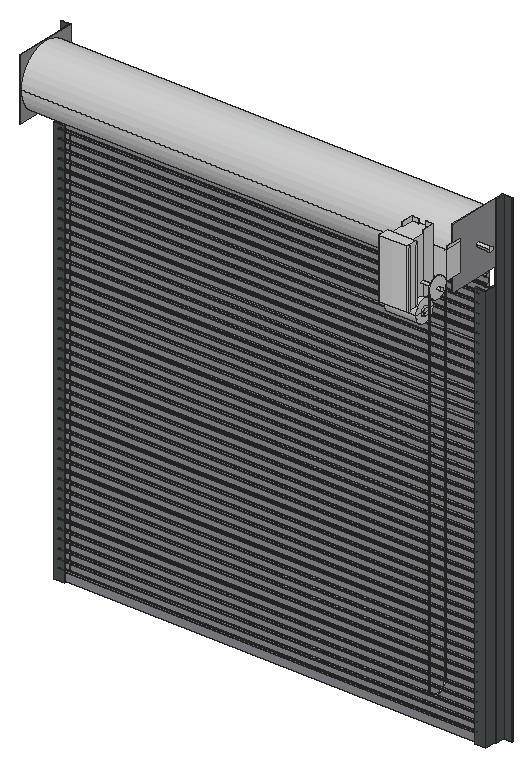
Revit family "Doors_Industrial_Overhead-Door-Corporation_Stormtite-Rolling-Steel-Service-Doors-620_", category Specialty Equipment, host Wall, Revit 2019
Family settings
  Host = Wall
  Round Connector Dimension = Use Diameter
  Part Type = Normal
  OmniClass Number = 23.30.10.21.34
  OmniClass Title = Industrial Doors
  Always vertical = Yes
  Cut with Voids When Loaded = Yes
  Shared = No
  Room Calculation Point = No
Parameters (values of type "115 volts, one phase, 60 Hz (110-120V range)")
  Width Count [instance] = if(or(Opening Width < 240", Opening Width = 240"), 20, if(or(Opening Width < 288", Opening Width = 288"), 24, 30))  # 20
  Warning Sign [instance] = if(Calculated Area > 683.00 SF, 1 = 1, 1 = 2)  # no
  Warning (Note) [instance] = if(Warning Sign, "The Door Area is out of the limit; please adjust accordingly. The maximum allowed area is 683 sq. ft.", if(Opening Height > 360", "Headroom Clearance Dimensions - out of the limits. Consult Factory", " "))  # " "
  Wall Thickness [instance] = 6"
  Voltage = 115 V
  True Opening Width [instance] = if(Between Jambs Mounting, Door Width True, Clear Width)  # 120"
  True Opening Height [instance] = if(Between Jambs Mounting, Clear Height + Headroom Height, Clear Height)  # 120"
  Slat Type [instance] = if(Slat Option < 2, "F-265", "FE-265")  # "F-265"
  Slat Option [instance] = 1
  Slat Length [instance] = Clear Width + G Value * 2 - 1" / 2 * 2  # 126"
  Slat Height [instance] = if(Slat < 2, 11 9/32", if(Slat = 2, 13 3/4", 13 19/128"))  # 13 19/128"
  Slat [instance] = if(Slat Option < 2, 3, 4)  # 3
  Product Page URL = "https://www.overheaddoor.com/rolling-steel-service-doors-620"
  Power Factor = 1
  Powder Coat (Note) = "PowderGuard® Premium powder coat finish options are available in approximately 200 colors as well as custom matching to specification. PowderGuard® Textured finish, a thicker, more scratch resistant coat, is available in 11 colors providing enhanced scratch resistance as well as aiding in hiding the dirt and blemishes that often occur in commercial environments.​"  # constant formula
  Operator Visibility = yes
  Operation (Note) [instance] = "Door could operate by manual push, crank, electrical operator or chain hoist. Manual push up and crank could be used up to 80 sf, for larger door sizes you have to use Chain Hoist operator."  # constant formula
  Opening Width Real [instance] = if(Opening Width > Max Opening Width, Max Opening Width, if(Opening Width < Min Opening Width, Min Opening Width, Opening Width))  # 120"
  Opening Width [instance] = 120"
  Opening Height Real [instance] = if(Opening Height > Max Opening Height, Max Opening Height, if(Opening Height < Min Opening Height, Min Opening Height, Opening Height))  # 120"
  Opening Height [instance] = 120"
  One Array element [instance] = not(Array Vis)  # no
  Number of Poles = 1
  Motor Type [instance] = if(Between Jambs Mounting, "RSX Front of Hood", if(Motor Option < 2, "RSX Front of Hood", if(Motor Option = 2, "RSX Top of Hood", if(Motor Option = 3, "RSX Wall Mount", "RSX Bench Mount"))))  # "RSX Front of Hood"
  Motor Selection (Note) [instance] = "Generic operator shown. Contact Overhead Door when dimensions are critical. "  # constant formula
  Motor Position [instance] = if(Between Jambs Mounting, BJ Displacement Real, M Value - G Value)  # 2 3/4"
  Motor Option Real [instance] = if(Between Jambs Mounting, 1, if(Motor Option < 1, 1, if(Motor Option > 4, 4, Motor Option)))  # 1
  Motor Option [instance] = 1
  Min Opening Width [instance] = if(Between Jambs Mounting, 18" + BJ Displacement Real * 2 + G Value * 2, 18")  # 18"
  Min Opening Height [instance] = if(Between Jambs Mounting, 24" + Headroom Height, 24")  # 24"
  Max Opening Width [instance] = 364"  # constant formula
  Max Opening Height [instance] = 340"  # constant formula
  Material Finish [instance] = 620 : Standard - Gray
  M Value [instance] = if(or(Opening Width < 108", Opening Width = 108"), 5 3/4", if(or(Opening Width < 180", Opening Width = 180"), 6 1/4", if(or(Opening Width < 240", Opening Width = 240"), 7 1/4", 9 1/4")))  # 6 1/4"
  Lookup Table = "Hood Dimensions"  # constant formula
  Lookup BD [instance] = size_lookup(Lookup Table, "A3", 10", Width Count, Height Count)  # 18"
  Jambs Offset [instance] = if(Between Jambs Mounting, BJ Displacement Real + G Value, 0")  # 0"
  Installation Real [instance] = if(Between Jambs Mounting, if((Wall Thickness / 2 - Guid Depth / 2) < 0", 0", Wall Thickness / 2 - Guid Depth / 2), Wall Thickness)  # 6"
  Hood Type [instance] = if(Hood Option < 2, "No Hood", if(Hood Option = 2, "Square Hood", if(Hood Option = 3, "Octagon Hood", "Round Hood")))  # "No Hood"
  Hood Option [instance] = 1
  Hood Offset [instance] = if(Chain Hoist or Manual, 3", 5")  # 5"
  Hood Material [instance] = Metal - Overhead Door - Gray
  Hood Height [instance] = Headroom Height Real - Hood Offset  # 18"
  Height Count [instance] = HC 3  # 11
  Lookup HH [instance] = size_lookup(Lookup Table, "A3", 10", Width Count, Height Count)  # 18"
  Headroom Height Real [instance] = if(Face Of Wall Mounting, if(Chain Hoist or Manual, Lookup HH + 3", Lookup HH + 5"), Lookup HH + 3")  # 23"
  Headroom Height [instance] = if(Between Jambs Mounting, Headroom Height Real, if(Hood Option > 1, Headroom Height Real + 1 1/2", Headroom Height Real))  # 23"
  HC 3 [instance] = if(or(Opening Height < 72", Opening Height = 72"), 6, if(or(Opening Height < 96", Opening Height = 96"), 8, if(or(Opening Height < 108", Opening Height = 108"), 9, if(or(Opening Height < 132", Opening Height = 132"), 11, if(or(Opening Height < 156", Opening Height = 156"), 13, if(or(Opening Height < 192", Opening Height = 192"), 16, if(or(Opening Height < 216", Opening Height = 216"), 18, if(or(Opening Height < 252", Opening Height = 252"), 21, if(or(Opening Height < 276", Opening Height = 276"), 23, if(or(Opening Height < 300", Opening Height = 300"), 25, if(or(Opening Height < 336", Opening Height = 336"), 28, 30)))))))))))  # 11
  Guide Type [instance] = if(Between Jambs Mounting, "Angled Between Jambs Z Guide", "Angled Z Guide")  # "Angled Z Guide"
  Guide Option [instance] = if(Between Jambs Mounting, 1, 2)  # 2
  Guid Depth [instance] = if(Between Jambs Mounting, D Value + 1/4", D Value)  # 6 1/4"
  G Value [instance] = if(Between Jambs Mounting, if(or(Opening Width < 144", Opening Width = 144"), 3 1/4", if(or(Opening Width < 180", Opening Width = 180"), 3", if(or(Opening Width < 240", Opening Width = 240"), 3 1/2", 5"))), if(or(Opening Width < 108", Opening Width = 108"), 3", if(or(Opening Width < 180", Opening Width = 180"), 3 1/2", if(or(Opening Width < 240", Opening Width = 240"), 4", 5 9/16"))))  # 3 1/2"
  Frequency = 60 Hz
  Face of Wall Offset [instance] = if(Between Jambs Mounting, 0", 5")  # 5"
  Face Of Wall Mounting [instance] = not(Between Jambs Mounting)  # yes
  Door Width True [instance] = if(Between Jambs Mounting, Clear Width + BJ Displacement Real * 2 + G Value * 2, Clear Width + M Value * 2)  # 132 1/2"
  Door Width (Real) [instance] = if(Between Jambs Mounting, Clear Width, Clear Width + 1" / 2)  # 120 1/2"
  Door Height True [instance] = Clear Width + Headroom Height  # 143"
  Door Height (Real) [instance] = Clear Height + Hood Offset  # 125"
  URL = "https://www.overheaddoor.com/"
  Product data url = "https://www.bimobject.com/overhead-door/product/stormtite-rolling-steel-service-doors-620"
  Product Guid = "603663aa-8c8f-4a3c-9590-51f84dbd7839"
  Model = "620"  # constant formula
  Manufacturer = "Overhead Door Corporation"  # constant formula
  Wall Closure = By host
  Floor To (CL) of Shaft [instance] = Clear Height + Hood Height / 2 + Hood Offset  # 134"
  Finish Material = Finish - Overhead Door - Black
  Description = "Model 620 Stormtite rolling service door"  # constant formula
  D Value [instance] = if(Between Jambs Mounting, if(or(Opening Width < 144", Opening Width = 144"), 6 1/4", if(or(Opening Width < 180", Opening Width = 180"), 7 1/4", if(or(Opening Width < 240", Opening Width = 240"), 7 1/4", 7 5/8"))), if(or(Opening Width < 108", Opening Width = 108"), 5 11/16", if(or(Opening Width < 180", Opening Width = 180"), 6 1/4", if(or(Opening Width < 240", Opening Width = 240"), 6 3/16", 7 1/16"))))  # 6 1/4"
  Clear Width [instance] = if(Between Jambs Mounting, Opening Width Real - BJ Displacement Real * 2 - G Value * 2, Opening Width Real)  # 120"
  Clear Height [instance] = if(Between Jambs Mounting, Opening Height Real - Headroom Height, Opening Height Real)  # 120"
  Chain Hoist or Manual = no
  Current = 20 A
  Connector Array Distance = 0"  # constant formula
  Connector Array = if(Chain Hoist or Manual, 2, 3)  # 3
  Between Jambs Mounting [instance] = no
  Between Jambs Guides Offset [instance] = 3"
  Bar [instance] = if(and(Hood Option > 1, Face Of Wall Mounting), 1 = 1, 1 = 2)  # no
  Backroom Depth [instance] = Lookup BD + 1/2"  # 18 1/2"
  BJ Opening Cut [instance] = if(Between Jambs Mounting, Headroom Height, 0")  # 0"
  BJ Displacement Real [instance] = if(Between Jambs Mounting, if(Between Jambs Guides Offset < 3", 3", if(Between Jambs Guides Offset > 6 3/4", 6 3/4", Between Jambs Guides Offset)), 0")  # 0"
  Array Vis [instance] = if(Array < 2, 1 = 2, 1 = 1)  # yes
  Array Real [instance] = if(Array < 2, 2, Array)  # 10
  Array Length [instance] = (Array) * Slat Height  # 131 31/64"
  Array [instance] = rounddown(([Door Height (Real)] - 3") / Slat Height) + 1  # 10
  Calculated Area [instance] = [Door Width (Real)] * [Door Height (Real)]  # 104.601 SF
  Apparent Load Phase 3 = if(Number of Poles = 1, 0 VA, (Voltage * Current * sqrt(3)) / 3)  # 0 VA
  Apparent Load Phase 2 = if(Number of Poles = 1, 0 VA, (Voltage * Current * sqrt(3)) / 3)  # 0 VA
  Apparent Load Phase 1 = if(Number of Poles = 1, Voltage * Current, (Voltage * Current * sqrt(3)) / 3)  # 2300 VA
Reference planes (in)
  plane 1 "Center (Front/Back)": y = -14.625
  plane 2 "Center (Left/Right)": x = 0
  plane 3 "Left": x = -60
  plane 4 "Right": x = 60
  plane 5 "Exterior": y = -8.625
  plane 6 "Interior": y = -14.625
  plane 7: x = 66.25
  plane 8: x = -66.25
  plane 9: z = 120
  plane 10 "Main": y = -20.23437
  plane 11 "Backroom Depth": y = -32.125
  plane 12 "Main Door Block": y = -13.625
  plane 13 "Bottom Bar": z = 2.75
  plane 14: y = -20.875
  plane 15: z = 134.23438
  plane 16: z = 143
  plane 17: z = 125
  plane 18: z = 144.5
  plane 19: z = 0
  plane 20: z = 60
  plane 21: y = -20.0625
  plane 22: y = 18.375
  plane 23: y = -41.625
  plane 24 "Double Main": y = -19.656
  plane 25 "Headroom Top": z = 143
  plane 26: z = 134
  plane 27: x = 63.5
  plane 28: x = -63.5
  plane 29: z = 121.08594
Forms (in)
  Extrusion 1, void
    sketch origin (0, -13.625, 0) x (0, 0, -1) y (-1, 0, 0)
      loop
        line (-120, 60) -> (-120, -60) -> (0, -60) -> (0, 60) -> (-120, 60)
    from -1 to 5
  Extrusion 2, solid, material "Metal - Overhead Door - Gray" <- "Hood Material", visible <- "Bar"
    sketch origin (0, 0, 0) x (0, 1, 0) y (0, 0, 1)
      loop
        line (-14.875, 143) -> (-14.625, 143) -> (-14.625, 144.5) -> (-14.875, 144.5) -> (-14.875, 143)
    from -63.25 to 63.25
Lines and regions (in)
  symbolic lines, visible <- "Bar"
    curve 1: line (63.25, -14.625, 0) -> (-63.25, -14.625, 0)
    curve 2: line (-63.25, -14.875, 0) -> (63.25, -14.875, 0)
Text (in)
  text "Exterior" at (-74.96733, 27.31104, 0), in view "Ref. Level"
  text "Interior" at (-74.96733, -25.14366, 0), in view "Ref. Level"
  text "Exterior" at (0, 40.15149, 123.01588), in view "Right"
  text "Interior" at (0, -64.39139, 123.01588), in view "Right"
  text "Interior" at (0, -31.01599, 123.00693), in view "Left"
  text "Exterior" at (0, 54.57065, 123.00693), in view "Left"
Dimensions and locks (in)
  equal spacing: plane 3 "Left", plane 2 "Center (Left/Right)", plane 4 "Right"
  "Clear Width": plane 3 "Left" to plane 4 "Right"
  level to host wall = 459.59655"
  "Clear Height": level to plane 9
  plane 7 to plane 8 = 132 1/2"
  equal spacing: plane 7, plane 2 "Center (Left/Right)", plane 8
  locked: plane 13 "Bottom Bar" to level at 2.75
  "Door Width True": plane 7 to plane 8
  locked: plane 14 to plane 10 "Main" at 0.64063
  "Array Length": plane 15 to plane 13 "Bottom Bar"
  "Backroom Depth": plane 11 "Backroom Depth" to plane 12 "Main Door Block"
  "Hood Height": plane 16 to plane 17
  locked: plane 18 to plane 16 at 1.5
  locked: Extrusion 2 sketch curve to Extrusion 2 sketch curve at 0.25
  "Installation Real": plane 1 "Center (Front/Back)" to plane 5 "Exterior"
  "Wall Thickness": host wall to host wall
  equal spacing: plane 9, plane 20, plane 19
  locked: plane 10 "Main" to plane 21 at 0.17187
  equal spacing: plane 22, host wall, plane 23
  locked: plane 22 to plane 23 at 60
  locked: plane 10 "Main" to plane 24 "Double Main" at 0.57837
  "BJ Opening Cut": Extrusion 1 sketch curve to plane 9
  locked: Extrusion 2 sketch curve to Extrusion 2 sketch curve at 1.5
  "Hood Offset": plane 17 to plane 9
  "Headroom Height": plane 25 "Headroom Top" to plane 9
  "Floor To (CL) of Shaft": plane 26 to level
  "Jambs Offset": plane 4 "Right" to Extrusion 1 sketch curve
  "Jambs Offset": Extrusion 1 sketch curve to plane 3 "Left"
  "Motor Position": plane 7 to plane 27
  "Motor Position": plane 28 to plane 8
  locked: plane 28 to Extrusion 2 at 0.25
  locked: Extrusion 2 to plane 27 at 0.25
  "Guid Depth": plane 14 to plane 1 "Center (Front/Back)"
  "Slat Height": plane 15 to plane 29
  equal spacing: group 2, group 10, group 9, group 8, group 7, group 6, group 5, group 4, group 3, group 1
  equal spacing: group 1, group 3, group 4, group 5, group 6, group 7, group 8, group 9, group 10, group 2  (x2)
  aligned and locked: plane 5 "Exterior" to host wall
  aligned and locked: host wall to plane 6 "Interior"
  aligned and locked: level to Extrusion 1 sketch curve
  aligned and locked: Extrusion 1 to plane 5 "Exterior"
  aligned and locked: plane 6 "Interior" to Extrusion 1
  aligned and locked: nested 1 to plane 2 "Center (Left/Right)"
  aligned and locked: plane 16 to nested 2
  aligned and locked: nested 1 to level
  aligned and locked: Extrusion 2 sketch curve to plane 18
  aligned and locked: Extrusion 2 sketch curve to plane 6 "Interior"
  aligned and locked: curve 1 to Extrusion 2  (x2)
  aligned and locked: curve 2 to Extrusion 2  (x2)
  aligned and locked: Extrusion 2 to curve 2
  aligned and locked: plane 5 "Exterior" to nested 2
  aligned and locked: level to plane 19
  aligned and locked: nested 1 to plane 1 "Center (Front/Back)"
  aligned and locked: plane 2 "Center (Left/Right)" to nested 3
  aligned and locked: nested 3 to plane 22
  aligned and locked: plane 23 to nested 4
  aligned and locked: nested 4 to plane 2 "Center (Left/Right)"
  aligned and locked: nested 5 to plane 20
  aligned and locked: plane 2 "Center (Left/Right)" to nested 5
  aligned and locked: nested 2 to plane 27
  aligned and locked: nested 5 to plane 21
  aligned and locked: plane 13 "Bottom Bar" to nested 6
  aligned and locked: plane 21 to nested 6
  aligned and locked: plane 29 to nested 7
  aligned and locked: nested 7 to plane 21
  aligned and locked: plane 13 "Bottom Bar" to nested 16
  aligned and locked: plane 21 to nested 16
Automatic sketch dimensions
  curve 1 to curve 2 = 0"
Nested families (in)
  nested 1: "Lifts" at (0, -14.625, 0), type "Frame Unit"
    with Square Hood no, Round Hood no, Octagon Hood no, No Hood yes, M Value 6 1/4", Hood Offset 5", Hood Height 18", Headroom Height Real 23", Half Octagon Side 3.72792", Half Hood Height 18", Shaft Offset 9", Radius Hood 9", Headroom Height 23", Header Width 18 1/2", Guide Z Wide 2 3/4", Floor To (CL) of Shaft 134", D Value 6 1/4"
  nested 2: "Motor" at (56.6205, -40.705, 122.93), visible <- "Operator Visibility", type "Trolley Motor"
    with Vertical Mount 20.07", Hood Width Real 18 1/2", Hood Width 18 1/2", Hood Height 18", Floor To Cl Shaft 134"
  nested 3: "Label Annotation 1" at (0, 18.375, 0), visible <- "Warning Sign", type "Label Annotation 1"
  nested 4: "Label Annotation 1" at (0, -41.625, 0) x (-1, 0, 0) z (0, 0, 1), visible <- "Warning Sign", type "Label Annotation 1"
  nested 5: "Warning Sign" at (0, -20.0625, 60), visible <- "Warning Sign", type "Warning Sign"
    with Warning Sign no
  nested 6: "620" at (0, -20.0625, 2.75), type <- "Material Finish", Opening Width <- "Slat Length", Slat Option <- "Slat", visible <- "Array Vis", type "Standard - Gray"
    with Void Offset 1", Void Height 1", Slat Width 0.63", Slat Position + Offset 14.044", Slat Position 13.15", Slat Option 3, Opening Width 126", Integrated Cutout no, F 265, FE 265 yes, Cutout Width Offset 1", Cutout Vertical Offset 0.894", Cutout Horizontal Offset 1", C 275 no, C 187 Standard no
  nested 7: "620" at (0, -20.0625, 121.08594), type <- "Material Finish", Opening Width <- "Slat Length", Slat Option <- "Slat", visible <- "Array Vis", type "Standard - Gray"
    with Void Offset 1", Void Height 1", Slat Width 0.63", Slat Position + Offset 14.044", Slat Position 13.15", Slat Option 3, Opening Width 126", Integrated Cutout no, F 265, FE 265 yes, Cutout Width Offset 1", Cutout Vertical Offset 0.894", Cutout Horizontal Offset 1", C 275 no, C 187 Standard no
  nested 8: "620" at (0, -20.0625, 15.89844), type <- "Material Finish", Opening Width <- "Slat Length", Slat Option <- "Slat", visible <- "Array Vis", type "Standard - Gray"
    with Void Offset 1", Void Height 1", Slat Width 0.63", Slat Position + Offset 14.044", Slat Position 13.15", Slat Option 3, Opening Width 126", Integrated Cutout no, F 265, FE 265 yes, Cutout Width Offset 1", Cutout Vertical Offset 0.894", Cutout Horizontal Offset 1", C 275 no, C 187 Standard no
  nested 9: "620" at (0, -20.0625, 29.04688), type <- "Material Finish", Opening Width <- "Slat Length", Slat Option <- "Slat", visible <- "Array Vis", type "Standard - Gray"
    with Void Offset 1", Void Height 1", Slat Width 0.63", Slat Position + Offset 14.044", Slat Position 13.15", Slat Option 3, Opening Width 126", Integrated Cutout no, F 265, FE 265 yes, Cutout Width Offset 1", Cutout Vertical Offset 0.894", Cutout Horizontal Offset 1", C 275 no, C 187 Standard no
  nested 10: "620" at (0, -20.0625, 42.19531), type <- "Material Finish", Opening Width <- "Slat Length", Slat Option <- "Slat", visible <- "Array Vis", type "Standard - Gray"
    with Void Offset 1", Void Height 1", Slat Width 0.63", Slat Position + Offset 14.044", Slat Position 13.15", Slat Option 3, Opening Width 126", Integrated Cutout no, F 265, FE 265 yes, Cutout Width Offset 1", Cutout Vertical Offset 0.894", Cutout Horizontal Offset 1", C 275 no, C 187 Standard no
  nested 11: "620" at (0, -20.0625, 55.34375), type <- "Material Finish", Opening Width <- "Slat Length", Slat Option <- "Slat", visible <- "Array Vis", type "Standard - Gray"
    with Void Offset 1", Void Height 1", Slat Width 0.63", Slat Position + Offset 14.044", Slat Position 13.15", Slat Option 3, Opening Width 126", Integrated Cutout no, F 265, FE 265 yes, Cutout Width Offset 1", Cutout Vertical Offset 0.894", Cutout Horizontal Offset 1", C 275 no, C 187 Standard no
  nested 12: "620" at (0, -20.0625, 68.49219), type <- "Material Finish", Opening Width <- "Slat Length", Slat Option <- "Slat", visible <- "Array Vis", type "Standard - Gray"
    with Void Offset 1", Void Height 1", Slat Width 0.63", Slat Position + Offset 14.044", Slat Position 13.15", Slat Option 3, Opening Width 126", Integrated Cutout no, F 265, FE 265 yes, Cutout Width Offset 1", Cutout Vertical Offset 0.894", Cutout Horizontal Offset 1", C 275 no, C 187 Standard no
  nested 13: "620" at (0, -20.0625, 81.64063), type <- "Material Finish", Opening Width <- "Slat Length", Slat Option <- "Slat", visible <- "Array Vis", type "Standard - Gray"
    with Void Offset 1", Void Height 1", Slat Width 0.63", Slat Position + Offset 14.044", Slat Position 13.15", Slat Option 3, Opening Width 126", Integrated Cutout no, F 265, FE 265 yes, Cutout Width Offset 1", Cutout Vertical Offset 0.894", Cutout Horizontal Offset 1", C 275 no, C 187 Standard no
  nested 14: "620" at (0, -20.0625, 94.78906), type <- "Material Finish", Opening Width <- "Slat Length", Slat Option <- "Slat", visible <- "Array Vis", type "Standard - Gray"
    with Void Offset 1", Void Height 1", Slat Width 0.63", Slat Position + Offset 14.044", Slat Position 13.15", Slat Option 3, Opening Width 126", Integrated Cutout no, F 265, FE 265 yes, Cutout Width Offset 1", Cutout Vertical Offset 0.894", Cutout Horizontal Offset 1", C 275 no, C 187 Standard no
  nested 15: "620" at (0, -20.0625, 107.9375), type <- "Material Finish", Opening Width <- "Slat Length", Slat Option <- "Slat", visible <- "Array Vis", type "Standard - Gray"
    with Void Offset 1", Void Height 1", Slat Width 0.63", Slat Position + Offset 14.044", Slat Position 13.15", Slat Option 3, Opening Width 126", Integrated Cutout no, F 265, FE 265 yes, Cutout Width Offset 1", Cutout Vertical Offset 0.894", Cutout Horizontal Offset 1", C 275 no, C 187 Standard no
  nested 16: "620" at (0, -20.0625, 2.75), type <- "Material Finish", Slat Option <- "Slat", visible <- "One Array element", Opening Width <- "Slat Length", type "Standard - Gray"
    with Void Offset 1", Void Height 1", Slat Width 0.63", Slat Position + Offset 14.044", Slat Position 13.15", Slat Option 3, Opening Width 126", Integrated Cutout no, F 265, FE 265 yes, Cutout Width Offset 1", Cutout Vertical Offset 0.894", Cutout Horizontal Offset 1", C 275 no, C 187 Standard no
Connectors (in)
  electrical at (59.6085, -39.31077, 133.4998), driven by "Apparent Load Phase 1", driven by "Power Factor", driven by "Voltage", driven by "Apparent Load Phase 2", driven by "Apparent Load Phase 3", driven by "Number of Poles"
    settings: on nested 2, index 1, voltage 115 V, apparent load 0 VA, apparent load phase1 2300 VA, apparent load phase2 0 VA, apparent load phase3 0 VA, power factor 1, load classification "Other", number of poles 1, system type 31, power factor state 1, is connector primary yes, connector utility no, sub classification motor no, connector description "Electrical Connector"
Definition of nested family "Lifts"
  Parameters (values of type "Frame Unit")
    True Width = if(Between Jambs, Opening Width, Opening Width + 1/2")  # 120 1/2"
    Square Hood [instance] = if(Hood Option = 2, 1 = 1, 1 = 2)  # no
    Slat Option = 1
    Round Hood [instance] = if(Hood Option > 3, 1 = 1, 1 = 2)  # no
    Rough Width = 0"
    Rough Height = 0"
    Octagon Hood [instance] = if(Hood Option = 3, 1 = 1, 1 = 2)  # no
    No Hood [instance] = if(Hood Option < 2, 1 = 1, 1 = 2)  # yes
    M Value = 5 1/4"
    Hood Type = if(Hood Option < 2, "No Hood", if(Hood Option = 2, "Square Hood", if(Hood Option = 3, "Octagon Hood", "Round Hood")))  # "No Hood"
    Hood Option = 1
    Hood Offset = 3"
    Hood Height = Headroom Height Real - Hood Offset  # 16"
    Headroom Height Real = Headroom Height  # 19"
    Half Octagon Side = (Radius Hood * 2 * tan(180.00° / 8)) / 2  # 3.00305"
    Half Hood Height = Headroom Height - Hood Offset  # 16"
    G Value = 3 1/2"
    E Guide Width = if(Between Jambs, Guide Offset - G Value + BJ Connection Length - BJ Displacement * 2 / 3, 3")  # 3"
    E Guide Height = 3"  # constant formula
    Z Guide = 1 = 1  # yes
    Slat Material = none
    Shaft Offset = if(Hood Option > 3, (Header Width - (Header Width - Hood Height)) / 2, if(Hood Height < Header Width, (Header Width - (Header Width - Hood Height)) / 2, Header Width / 2))  # 7 1/4"
    Shaft Material = none
    Shaft Length 2 = if(Between Jambs, G Value + BJ Displacement, G Value + 4")  # 7 1/2"
    Shaft Length 1 = if(Between Jambs, G Value + BJ Displacement, G Value + 4")  # 7 1/2"
    Setback = if(Between Jambs, 0", 1/4")  # 1/4"
    Radius Hood = Shaft Offset  # 7 1/4"
    Opening Width = 120"
    Hood Material = none
    Headroom Height = 19"
    Header Width = 14 1/2"
    Opening Height = 120"
    Guide Type = if(Between Jambs, "Angled Between Jambs Z Guide", if(Guide Option > 1, "Angled Z Guide", "Angled E Guide"))  # "Angled Z Guide"
    Guide Option = if(Between Jambs, 1, 2)  # 2
    Guide Offset = BJ Displacement + G Value  # 3 1/2"
    Guide Z Wide = if(Between Jambs, Guide Offset - G Value + BJ Connection Length - BJ Displacement * 2 / 3, M Value - G Value)  # 1 3/4"
    Guide Z Height = 3"  # constant formula
    Floor To (CL) of Shaft = 131"
    Finish Material = none
    Face to Wall Mount = not(Between Jambs)  # yes
    E Guide = if(Between Jambs, 1 = 1, 1 = 2)  # no
    D Value = 4 1/2"
    Between Jambs = no
    BJ Position = if(Between Jambs, 1/4", 0")  # 0"
    BJ Displacement = 0"
    BJ Connection Length = 1 / 3 * BJ Displacement  # 0"
    Angled Guide = 1 = 1  # yes
  Reference planes (in)
    plane 1 "Center (Front/Back)": y = 0
    plane 2: z = 0
    plane 3 "Center (Left/Right)": x = 0
    plane 4 "Opening Height": z = 120
    plane 5: x = -67.5
    plane 6: x = 67.5
    plane 7: z = 139
    plane 8: y = 14.5
    plane 9 "Real Opening 2": x = -60
    plane 10 "Real Opening 1": x = 60
    plane 11: z = 123
    plane 12 "Main": y = 0
    plane 13: z = 131
    plane 14: y = 7.25
    plane 15: x = 63.5
    plane 16: x = -63.5
    plane 17: x = -63.5
    plane 18: x = 63.5
    plane 19: y = 4.5
    plane 20: x = -63.25
    plane 21: x = 63.25
    plane 22: y = 7.25
    plane 23: z = 140.5
    plane 24: y = 4.5
    plane 25: y = 3.375
    plane 26: y = 4.5
    plane 27: y = 3.375
  Forms (in)
    Extrusion 1, solid, material <- "Slat Material"
      sketch origin (0, 0, 0) x (0, 1, 0) y (0, 0, 1)
        loop
          line (3.6875, 2.375) -> (3.6875, 2.75) -> (3.0625, 2.75) -> (3.0625, 2.375) -> (3.6875, 2.375)
      from -63.25 to 63.25
    Extrusion 2, solid, material <- "Slat Material"
      sketch origin (0, 0, 0) x (0, 1, 0) y (0, 0, 1)
        loop
          line (3.6875, 2.375) -> (3.0625, 2.375) -> (3.0625, 0) -> (3.6875, 0) -> (3.6875, 2.375)
      from -63.25 to 63.25
    Extrusion 3, solid, material <- "Shaft Material"
      sketch origin (0, -5.35201, 0) x (0, 1, 0) y (0, 0, 1)
        loop
          circle (12.60201, 131) r 0.6
      from -67.5 to 67.5
    Extrusion 4, solid, material <- "Hood Material", visible <- "Square Hood"
      sketch origin (0, 0, 0) x (0, 1, 0) y (0, 0, 1)
        loop
          line (0, 123) -> (14.5, 123) -> (14.5, 139) -> (0, 139) -> (0, 123)
      from -63.25 to 63.25
    Extrusion 5, solid, material <- "Hood Material", visible <- "Round Hood"
      sketch origin (0, 0, 0) x (0, 1, 0) y (0, 0, 1)
        loop
          line (0, 139) -> (0, 123) -> (7.25, 123)
          arc (7.25, 123) -> (15.25, 131) -> (7.25, 139) r 8
          line (7.25, 139) -> (0, 139)
      from -63.25 to 63.25
    Extrusion 6, solid, material <- "Finish Material", visible <- "E Guide"
      sketch origin (0, 0, 0) x (1, 0, 0) y (0, 1, 0)
        loop
          line (60.5, 0) -> (63.5, 0) -> (63.5, 3) -> (63.4375, 3)
          arc (63.4375, 3) -> (63.30492, 2.94508) -> (63.25, 2.8125) r 0.1875
          line (63.25, 2.8125) -> (63.25, 0.25) -> (60.6875, 0.25)
          arc (60.6875, 0.25) -> (60.55492, 0.19508) -> (60.5, 0.0625) r 0.1875
          line (60.5, 0.0625) -> (60.5, 0)
        loop
          line (-60.5, 0) -> (-60.5, 0.0625)
          arc (-60.5, 0.0625) -> (-60.55492, 0.19508) -> (-60.6875, 0.25) r 0.1875
          line (-60.6875, 0.25) -> (-63.25, 0.25) -> (-63.25, 2.8125)
          arc (-63.25, 2.8125) -> (-63.30492, 2.94508) -> (-63.4375, 3) r 0.1875
          line (-63.4375, 3) -> (-63.5, 3) -> (-63.5, 0) -> (-60.5, 0)
      from 0 to 139
    Extrusion 7, solid, material <- "Finish Material", visible <- "Z Guide"
      sketch origin (0, 0, 0) x (1, 0, 0) y (0, 1, 0)
        loop
          line (65.25, 0) -> (65.25, 0.062)
          arc (65.25, 0.062) -> (65.19494, 0.19494) -> (65.062, 0.25) r 0.188
          line (65.062, 0.25) -> (63.75, 0.25) -> (63.75, 2.812)
          arc (63.75, 2.812) -> (63.69494, 2.94494) -> (63.562, 3) r 0.188
          line (63.562, 3) -> (63.5, 3) -> (63.5, 0) -> (65.25, 0)
        loop
          line (-65.25, 0) -> (-63.5, 0) -> (-63.5, 3) -> (-63.562, 3)
          arc (-63.562, 3) -> (-63.69494, 2.94494) -> (-63.75, 2.812) r 0.188
          line (-63.75, 2.812) -> (-63.75, 0.25) -> (-65.062, 0.25)
          arc (-65.062, 0.25) -> (-65.19494, 0.19494) -> (-65.25, 0.062) r 0.188
          line (-65.25, 0.062) -> (-65.25, 0)
      from 0 to 139
    Extrusion 8, solid, material <- "Finish Material", visible <- "Angled Guide"
      sketch origin (0, 0, 0) x (1, 0, 0) y (0, 1, 0)
        loop
          line (60.25, 4.5) -> (60.25, 4.437)
          arc (60.25, 4.437) -> (60.30477, 4.30477) -> (60.437, 4.25) r 0.187
          line (60.437, 4.25) -> (63.25, 4.25) -> (63.25, 2.5) -> (60.25, 2.5) -> (60.25, 2.437)
          arc (60.25, 2.437) -> (60.30477, 2.30477) -> (60.437, 2.25) r 0.187
          line (60.437, 2.25) -> (63, 2.25) -> (63, 0.5625) -> (63.25, 0.5625) -> (63.25, 0.25) -> (63.5, 0.25) -> (63.5, 4.5) -> (60.25, 4.5)
        loop
          line (-60.25, 4.5) -> (-63.5, 4.5) -> (-63.5, 0.25) -> (-63.25, 0.25) -> (-63.25, 0.5625) -> (-63, 0.5625) -> (-63, 2.25) -> (-60.437, 2.25)
          arc (-60.437, 2.25) -> (-60.30477, 2.30477) -> (-60.25, 2.437) r 0.187
          line (-60.25, 2.437) -> (-60.25, 2.5) -> (-63.25, 2.5) -> (-63.25, 4.25) -> (-60.437, 4.25)
          arc (-60.437, 4.25) -> (-60.30477, 4.30477) -> (-60.25, 4.437) r 0.187
          line (-60.25, 4.437) -> (-60.25, 4.5)
      from 0 to 120
    Extrusion 9, solid, material <- "Hood Material"
      sketch origin (0, 0, 0) x (-1, 0, 0) y (0, 0, 1)
        loop
          line (63.25, 123) -> (63.5, 123) -> (63.5, 139) -> (63.25, 139) -> (63.25, 123)
        loop
          line (-63.5, 123) -> (-63.25, 123) -> (-63.25, 139) -> (-63.5, 139) -> (-63.5, 123)
      from 0 to 14.5
    Extrusion 10, solid, material <- "Shaft Material", visible <- "No Hood"
      sketch origin (0, 0, 0) x (0, 1, 0) y (0, 0, 1)
        loop
          circle (7.25, 131) r 7.25
      from -63.25 to 63.25
    Extrusion 11, solid, material <- "Hood Material", visible <- "Octagon Hood"
      sketch origin (0, 0, 0) x (0, 1, 0) y (0, 0, 1)
        loop
          line (0, 139) -> (0, 123) -> (10.25305, 123) -> (14.5, 127.99695) -> (14.5, 134.00305) -> (10.25305, 139) -> (0, 139)
      from -63.25 to 63.25
  Lines and regions (in)
    Masking region 1
      outline origin (0, 0, 0) x (1, 0, 0) y (0, 1, 0)
        loop
          line (67.5, 7.85) -> (63.5, 7.85) -> (63.5, 6.65) -> (67.5, 6.65) -> (67.5, 7.85)
        loop
          line (-67.5, 6.65) -> (-63.5, 6.65) -> (-63.5, 7.85) -> (-67.5, 7.85) -> (-67.5, 6.65)
    Masking region 2
      outline origin (0, 0, 0) x (1, 0, 0) y (0, 1, 0)
        loop
          line (-63.5, 14.5) -> (-63.5, 0) -> (63.5, 0) -> (63.5, 14.5) -> (-63.5, 14.5)
    Masking region 3, visible <- "Z Guide"
      outline origin (0, 0, 0) x (1, 0, 0) y (0, 1, 0)
        loop
          line (65.062, 0.25) -> (63.75, 0.25) -> (63.75, 2.812)
          arc (63.75, 2.812) -> (63.69494, 2.94494) -> (63.562, 3) r 0.188
          line (63.562, 3) -> (63.5, 3) -> (63.5, 0) -> (65.25, 0) -> (65.25, 0.062)
          arc (65.25, 0.062) -> (65.19494, 0.19494) -> (65.062, 0.25) r 0.188
        loop
          line (-63.75, 0.25) -> (-65.062, 0.25)
          arc (-65.062, 0.25) -> (-65.19494, 0.19494) -> (-65.25, 0.062) r 0.188
          line (-65.25, 0.062) -> (-65.25, 0) -> (-63.5, 0) -> (-63.5, 3) -> (-63.562, 3)
          arc (-63.562, 3) -> (-63.69494, 2.94494) -> (-63.75, 2.812) r 0.188
          line (-63.75, 2.812) -> (-63.75, 0.25)
    Masking region 4, visible <- "E Guide"
      outline origin (0, 0, 0) x (1, 0, 0) y (0, 1, 0)
        loop
          line (-63.5, 3) -> (-63.5, 0) -> (-60.5, 0) -> (-60.5, 0.0625)
          arc (-60.5, 0.0625) -> (-60.55492, 0.19508) -> (-60.6875, 0.25) r 0.1875
          line (-60.6875, 0.25) -> (-63.25, 0.25) -> (-63.25, 2.8125)
          arc (-63.25, 2.8125) -> (-63.30492, 2.94508) -> (-63.4375, 3) r 0.1875
          line (-63.4375, 3) -> (-63.5, 3)
        loop
          line (63.5, 0) -> (63.5, 3) -> (63.4375, 3)
          arc (63.4375, 3) -> (63.30492, 2.94508) -> (63.25, 2.8125) r 0.1875
          line (63.25, 2.8125) -> (63.25, 0.25) -> (60.6875, 0.25)
          arc (60.6875, 0.25) -> (60.55492, 0.19508) -> (60.5, 0.0625) r 0.1875
          line (60.5, 0.0625) -> (60.5, 0) -> (63.5, 0)
    symbolic lines
      curve 1: line (-63.25, 0, 0) -> (-63.25, 14.5, 0)
      curve 2: line (63.25, 14.5, 0) -> (63.25, 0, 0)
    symbolic lines, visible <- "Octagon Hood"
      curve 3: line (-63.25, 10.25305, 0) -> (63.25, 10.25305, 0)
  Dimensions and locks (in)
    Extrusion 1 sketch curve to level = 2 3/8"
    locked: Extrusion 1 sketch curve to Extrusion 1 sketch curve at 0.625
    locked: Extrusion 2 sketch curve to level at 2.375
    "Headroom Height Real": plane 7 to plane 4 "Opening Height"
    plane 8 to plane 1 "Center (Front/Back)" = 14 1/2"
    "Radius Hood": Extrusion 5 sketch curve to plane 8
    "Opening Height": plane 4 "Opening Height" to level
    "Hood Offset": plane 11 to plane 4 "Opening Height"
    "BJ Position": plane 12 "Main" to plane 1 "Center (Front/Back)"
    "Header Width": plane 12 "Main" to plane 8
    "Floor To (CL) of Shaft": plane 13 to level
    "Shaft Offset": Extrusion 3 sketch curve to plane 8
    locked: Extrusion 2 sketch curve to Extrusion 2 sketch curve at 0.625
    "Shaft Offset": plane 8 to plane 14
    locked: Masking region 1 sketch curve to Masking region 1 sketch curve at 1.2
    locked: Masking region 1 sketch curve to plane 14 at 0.6
    "Guide Offset": plane 10 "Real Opening 1" to plane 15
    "Guide Offset": plane 16 to plane 9 "Real Opening 2"
    locked: Extrusion 6 sketch curve to Extrusion 6 sketch curve at 0.25  (x4)
    "E Guide Height": Extrusion 6 sketch curve to Extrusion 6 sketch curve  (x2)
    "E Guide Width": Extrusion 6 sketch curve to Extrusion 6 sketch curve  (x2)
    locked: Extrusion 7 sketch curve to Extrusion 7 sketch curve at 0.25  (x4)
    "Guide Z Wide": Extrusion 7 sketch curve to Extrusion 7 sketch curve  (x2)
    "Guide Z Height": Extrusion 7 sketch curve to Extrusion 7 sketch curve  (x2)
    locked: Extrusion 8 sketch curve to Extrusion 8 sketch curve at 0.25  (x8)
    locked: Extrusion 8 sketch curve to Extrusion 8 sketch curve at 2.25  (x2)
    locked: Extrusion 8 sketch curve to Extrusion 8 sketch curve at 4.25  (x2)
    locked: Extrusion 8 sketch curve to Extrusion 8 sketch curve at 0.3125  (x2)
    "Setback": plane 10 "Real Opening 1" to Extrusion 8 sketch curve
    "Setback": Extrusion 8 sketch curve to plane 9 "Real Opening 2"
    equal spacing: plane 16, plane 3 "Center (Left/Right)", plane 15
    "G Value": Extrusion 7 sketch curve to plane 9 "Real Opening 2"
    "G Value": plane 10 "Real Opening 1" to Extrusion 7 sketch curve
    "G Value": plane 10 "Real Opening 1" to plane 18
    "G Value": plane 17 to plane 9 "Real Opening 2"
    "Shaft Length 1": plane 5 to plane 9 "Real Opening 2"
    "Shaft Length 2": plane 6 to plane 10 "Real Opening 1"
    locked: Extrusion 2 to plane 18 at 0.25
    locked: Extrusion 2 to plane 17 at 0.25
    locked: plane 17 to plane 20 at 0.25
    locked: plane 21 to plane 18 at 0.25
    "Shaft Offset": Extrusion 10 sketch curve to plane 8
    plane 13 to plane 11 = 8"
    plane 7 to plane 13 = 8"
    "Shaft Offset": plane 22 to plane 8
    "Half Octagon Side": Extrusion 11 sketch curve to plane 13
    "Half Octagon Side": plane 13 to Extrusion 11 sketch curve
    "Half Octagon Side": plane 22 to Extrusion 11 sketch curve  (x2)
    equal spacing: plane 9 "Real Opening 2", plane 3 "Center (Left/Right)", plane 10 "Real Opening 1"
    "Opening Width": plane 9 "Real Opening 2" to plane 10 "Real Opening 1"
    locked: plane 23 to plane 7 at 1.5
    "D Value": plane 1 "Center (Front/Back)" to plane 19
    "D Value": plane 24 to plane 1 "Center (Front/Back)"
    locked: plane 24 to plane 25 at 1.125
    equal spacing: Extrusion 1 sketch curve, plane 25, Extrusion 1 sketch curve
    "D Value": plane 26 to plane 1 "Center (Front/Back)"
    locked: plane 26 to plane 27 at 1.125
    equal spacing: Extrusion 2 sketch curve, plane 27, Extrusion 2 sketch curve
    "G Value": plane 10 "Real Opening 1" to Extrusion 8 sketch curve
    "G Value": Extrusion 8 sketch curve to plane 9 "Real Opening 2"
    radius of Extrusion 6 sketch curve = 3/16"  (x4)
    radius of Extrusion 7 sketch curve = 0.188"  (x4)
    locked: Extrusion 8 sketch curve to Extrusion 8 sketch curve (radius 0.187")  (x4)
    "Radius Hood": radius of Extrusion 10 sketch curve
    aligned and locked: plane 2 to level
    aligned and locked: plane 5 to Extrusion 3
    aligned and locked: Extrusion 3 to plane 6
    aligned and locked: Extrusion 4 sketch curve to plane 7
    aligned and locked: Extrusion 4 sketch curve to plane 8
    aligned and locked: Extrusion 5 sketch curve to plane 7
    aligned and locked: plane 13 to Extrusion 3 sketch curve
    aligned and locked: plane 5 to Masking region 1 sketch curve
    aligned and locked: plane 6 to Masking region 1 sketch curve
    aligned and locked: Masking region 1 sketch curve to Masking region 1 sketch curve  (x2)
    aligned and locked: plane 12 "Main" to Extrusion 6 sketch curve  (x2)
    aligned and locked: Extrusion 6 sketch curve to plane 15
    aligned and locked: plane 16 to Extrusion 6 sketch curve
    aligned and locked: Extrusion 7 sketch curve to plane 1 "Center (Front/Back)"  (x2)
    aligned and locked: Extrusion 8 sketch curve to Extrusion 8 sketch curve  (x4)
    aligned and locked: plane 19 to Extrusion 8 sketch curve
    aligned and locked: Extrusion 8 sketch curve to plane 19
    aligned and locked: plane 4 "Opening Height" to Extrusion 8
    aligned and locked: Extrusion 5 sketch curve to plane 12 "Main"
    aligned and locked: plane 12 "Main" to Extrusion 4 sketch curve
    aligned and locked: Extrusion 9 sketch curve to plane 11  (x2)
    aligned and locked: Extrusion 9 sketch curve to plane 7  (x2)
    aligned and locked: plane 17 to Extrusion 9 sketch curve
    aligned and locked: Extrusion 9 sketch curve to plane 18
    aligned and locked: Masking region 2 sketch curve to Extrusion 4
    aligned and locked: Masking region 2 to curve 2  (x2)
    aligned and locked: Masking region 2 to curve 1  (x2)
    aligned and locked: Masking region 3 sketch curve to Extrusion 7  (x10)
    aligned and locked: Extrusion 7 to Masking region 3 sketch curve
    aligned and locked: Masking region 4 sketch curve to Extrusion 6  (x10)
    aligned and locked: Extrusion 2 to Extrusion 1
    aligned and locked: Extrusion 1 to Extrusion 2
    aligned and locked: Extrusion 9 to curve 1
    aligned and locked: Extrusion 9 to curve 2
    aligned and locked: Masking region 2 to plane 17
    aligned and locked: Masking region 2 to plane 18
    aligned and locked: plane 18 to Masking region 1 sketch curve
    aligned and locked: Masking region 1 sketch curve to plane 17
    aligned and locked: plane 20 to Extrusion 9 sketch curve
    aligned and locked: plane 21 to Extrusion 9 sketch curve
    aligned and locked: plane 20 to Extrusion 4
    aligned and locked: plane 20 to Extrusion 5
    aligned and locked: Extrusion 4 to plane 21
    aligned and locked: Extrusion 5 to plane 21
    aligned and locked: plane 13 to Extrusion 10 sketch curve
    aligned and locked: Extrusion 11 sketch curve to plane 12 "Main"
    aligned and locked: Extrusion 11 sketch curve to plane 7
    aligned and locked: Extrusion 11 sketch curve to plane 11
    aligned and locked: Extrusion 11 sketch curve to plane 8
    aligned and locked: Extrusion 11 to plane 20
    aligned and locked: Extrusion 11 to plane 21
    aligned and locked: plane 20 to Extrusion 10
    aligned and locked: Extrusion 10 to plane 21
    aligned and locked: plane 8 to Extrusion 9
    aligned and locked: Extrusion 11 to curve 3
    aligned and locked: plane 20 to curve 3
    aligned and locked: plane 21 to curve 3
    aligned and locked: plane 7 to Extrusion 7
    aligned and locked: plane 7 to Extrusion 6
    aligned and locked: Extrusion 4 sketch curve to plane 11
    aligned and locked: Extrusion 5 sketch curve to plane 11
  Automatic sketch dimensions
    plane 17 to Masking region 2 sketch curve = 0"
    Masking region 2 sketch curve to plane 18 = 0"
    Masking region 2 sketch curve to plane 1 "Center (Front/Back)" = 0"
    Extrusion 1 sketch curve to Extrusion 1 sketch curve = 3/8"
    Extrusion 2 sketch curve to level = 0"
    radius of Extrusion 3 sketch curve = 0.6"
Definition of nested family "Motor"
  Parameters (values of type "Trolley Motor")
    Wall Mount RSX = if(Chain Hoist, 1 = 2, if(Motor Option = 3, 1 = 1, 1 = 2))  # no
    Top Mount RSX = if(Chain Hoist, 1 = 2, if(Motor Option = 2, 1 = 1, 1 = 2))  # no
    Shaft Material = none
    Real Exterior Wall Offset = if(Wall Mount RSX, Displacement, Exterior Wall Offset + if(and(BJ, Bench Mount RSX, Hood Width < 19 1/2"), 2.6", 0"))  # 6"
    Not Chain Hoist = not(Chain Hoist)  # yes
    Not Bench + Top = not(or(Top Mount RSX, Chain Hoist, Bench Mount RSX))  # yes
    Horizontal Mount = if(Face Mount RSX, 5.08" + 0.12" + 2.38", if(Top Mount RSX, 11.19", if(Wall Mount RSX, 5.08", if(Bench Mount RSX, 4.77" + if(or(Hood Width < 14", Hood Width = 14"), 6.13", if(or(Hood Width < 16", Hood Width = 16"), 4.13", 3 1/4")), 0"))))  # 7.58"
    Not Fire King = if(Chain Hoist, 1 = 2, not(Chain Hoist))  # yes
    Vertical Mount = if(Face Mount RSX, 11.07" + Hood Height / 2, if(Top Mount RSX, 14.92" - 0.13" - 2.38", if(Wall Mount RSX, 20.03" + 6" + Hood Height / 2, if(Bench Mount RSX, 20" + 2.29" + Hood Height / 2, Hood Height))))  # 18.07"
    Motor Type = if(Motor Option < 2, "RSX FDO Face Mount", if(Motor Option = 2, "RSX FDO Top Mount", if(Motor Option = 3, "RSX Wall Mount", if(Motor Option = 4, "RSX Bench Mount", "Chain Hoist"))))  # "RSX FDO Face Mount"
    Motor Option = 1
    Main Material = none
    Hood Width Real = if(Wall Mount RSX, 0", if(Chain Hoist, if(Hood Height < Hood Width, (Hood Width + (Hood Width - Hood Height)) / 2, Hood Width / 2), Hood Width))  # 14 1/2"
    Hood Width = 14 1/2"
    Hood Height = 14"
    Hood Mount = if(or(Face Mount RSX, Top Mount RSX), 0.37", if(Wall Mount RSX, if(BJ, 12.24" + BJ Displacement, 14.74"), if(Bench Mount RSX, 14.49", 4.26")))  # 0.37"
    Floor To Cl Shaft = 132"
    Fire King RHX = 1 = 2  # no
    Top Option Offset = if(or(Top Mount RSX, Bench Mount RSX), 20", 0")  # 0"
    Face+Top = if(Chain Hoist, 1 = 2, if(or(Face Mount RSX, Top Mount RSX), 1 = 1, 1 = 2))  # yes
    Face Mount RSX = if(Chain Hoist, 1 = 2, if(Motor Option < 2, 1 = 1, 1 = 2))  # yes
    Top + Bench = if(Chain Hoist, 1 = 2, if(or(Top Mount RSX, Bench Mount RSX), 1 = 1, 1 = 2))  # no
    Face + Top + Bench = if(Chain Hoist, 1 = 2, if(or(Face Mount RSX, Top Mount RSX, Bench Mount RSX), 1 = 1, 1 = 2))  # yes
    Exterior Wall Offset = 6"
    Displacement = 6"
    Default Elevation = 48"
    Chain V Offset = if(or(Face Mount RSX, Wall Mount RSX), 6.53", if(or(Top Mount RSX, Bench Mount RSX), 18.81", Hood Height / 2))  # 6.53"
    Chain H Offset = if(or(Face Mount RSX, Wall Mount RSX), 1.19", if(or(Top Mount RSX, Bench Mount RSX), 6.53", 0"))  # 1.19"
    Chain Hoist = no
    Bench Mount RSX = if(Chain Hoist, 1 = 2, if(Motor Option > 3, 1 = 1, 1 = 2))  # no
    BJ Displacement = 0"
    BJ = no
    Angle = if(or(Bench Mount RSX, Top Mount RSX), 90.00°, 180.00°)  # 180.00°
  Reference planes (in)
    plane 1 "Center (Front/Back)": y = 0
    plane 2: z = 0
    plane 3 "Center (Left/Right)": x = 0
    plane 4: y = 0
    plane 5: y = 1.19
    plane 6: z = -125.47
    plane 7: z = -95.47
    plane 8: z = 6.53
    plane 9 "Chain Hoist": z = 6.53
    plane 10 "Top Of Hood": z = 18.07
    plane 11: y = 7.58
    plane 12: z = 0
    plane 13 "Hood Face": x = 6.8795
    plane 14: x = 7.2495
    plane 15: y = 22.08
    plane 16 "Wall": y = 28.08
  Forms (in)
    Extrusion 1, solid, material <- "Main Material", visible <- "Not Chain Hoist"
      sketch origin (0, 0, 18.8898) x (1, 0, 0) y (0, 1, 0)
        loop
          line (-4.134, -2.41307) -> (4.116, -2.41307) -> (4.116, -2.29347) -> (3.108, -2.29347)
          arc (3.108, -2.29347) -> (3.02315, -2.25832) -> (2.988, -2.17347) r 0.12
          line (2.988, -2.17347) -> (2.988, 4.96193) -> (-2.988, 4.96193) -> (-2.988, -2.17347)
          arc (-2.988, -2.17347) -> (-3.02315, -2.25832) -> (-3.108, -2.29347) r 0.12
          line (-3.108, -2.29347) -> (-4.134, -2.29347) -> (-4.134, -2.41307)
      from -16.64 to 0
    Extrusion 2, solid, material <- "Main Material", visible <- "Not Chain Hoist"
      sketch origin (0, 0, 18.8898) x (1, 0, 0) y (0, 1, 0)
        loop
          line (-4.134, -2.41307) -> (-4.134, -5.05565) -> (-4.3324, -5.05565) -> (-4.3324, -5.3122)
          arc (-4.3324, -5.3122) -> (-4.24466, -5.55085) -> (-4.02324, -5.67585) r 0.36846
          arc (-4.02324, -5.67585) -> (0, -6.0017) -> (4.02324, -5.67585) r 25
          arc (4.02324, -5.67585) -> (4.24466, -5.55085) -> (4.3324, -5.3122) r 0.36846
          line (4.3324, -5.3122) -> (4.3324, -5.05565) -> (4.116, -5.05565) -> (4.116, -2.41307) -> (-4.134, -2.41307)
      from -17 to 0.35839
    Revolve 3, solid, material <- "Main Material", visible <- "Not Fire King"
      sketch origin (2.0828, 5.66524, 0) x (0, -1, 0) y (1, 0, 0)
        loop
          line (5.66524, -9.0813) -> (5.66524, 3.1162) -> (4.82413, 3.1162) -> (4.82413, 2.7162) -> (4.39283, 2.7162) -> (4.39283, 2.4872) -> (2.50257, 2.4872) -> (2.50257, -6.6585) -> (3.79863, -6.6585) -> (3.79863, -7.51105) -> (3.89778, -7.6102) -> (5.36033, -7.6102) -> (5.36033, -7.8313) -> (4.69783, -7.8313) -> (4.69783, -9.0813) -> (5.66524, -9.0813)
        axis (5.66524, -9.0813) -> (5.66524, 3.1162)
      angle from 0 to 360
    Extrusion 4, solid, material <- "Main Material", visible <- "Wall Mount RSX"
      sketch origin (0, 0, 18.8898) x (1, 0, 0) y (0, 1, 0)
        loop
          line (-2.988, 5.08193) -> (-4.988, 5.08193) -> (-4.988, 4.96193) -> (-3.108, 4.96193) -> (-3.108, 1.46193) -> (-2.988, 1.46193) -> (-2.988, 5.08193)
        loop
          line (2.988, 5.08193) -> (2.988, 1.46193) -> (3.108, 1.46193) -> (3.108, 4.96193) -> (4.988, 4.96193) -> (4.988, 5.08193) -> (2.988, 5.08193)
      from -16.64 to 1.14
    Extrusion 5, solid, material <- "Main Material"
      sketch origin (0, 0.00141, 3.59957) x (0, 0, 1) y (0, -1, 0)
        loop
          circle (2.93043, -1.18859) r 3
      from 7.52 to 7.2495
    Sweep 6, solid, material <- "Main Material"
      path origin (7.38475, 9.53, 48) x (0, 1, 0) y (0, 0, 1)
        loop
          line (-11.34, -41.47) -> (-11.34, -143.47)
          arc (-11.34, -143.47) -> (-8.34, -146.47) -> (-5.34, -143.47) r 3
          line (-5.34, -143.47) -> (-5.34, -41.47)
      profile origin (7.38475, -1.81, -44.47) x (1, 0, 0) y (0, 1, 0)
        loop
          circle (0, 0.1) r 0.1
    Extrusion 7, solid, material <- "Main Material"
      sketch origin (0, 0.00141, 3.59957) x (0, 0, 1) y (0, -1, 0)
        loop
          circle (2.93043, -1.18859) r 0.4
      from 8.82 to 0
    Extrusion 8, solid, material <- "Main Material", visible <- "Face+Top"
      sketch origin (0, 0, 18.8898) x (1, 0, 0) y (0, 1, 0)
        loop
          line (7.2495, 5.08193) -> (7.2495, 9.82193) -> (7.1295, 9.82193) -> (7.1295, 5.20193) -> (-2.988, 5.20193) -> (-2.988, 5.08193) -> (7.2495, 5.08193)
      from -12.32 to -4.32
    Extrusion 9, solid, material <- "Main Material", visible <- "Face + Top + Bench"
      sketch origin (0.25, 0, 18.8898) x (1, 0, 0) y (0, 1, 0)
        loop
          line (-3.358, 5.08193) -> (-3.358, 1.46193) -> (-3.238, 1.46193) -> (-3.238, 4.96193) -> (-1.238, 4.96193) -> (-1.238, 5.08193) -> (-3.358, 5.08193)
        loop
          line (2.858, 5.08193) -> (0.738, 5.08193) -> (0.738, 4.96193) -> (2.738, 4.96193) -> (2.738, 1.46193) -> (2.858, 1.46193) -> (2.858, 5.08193)
      from -16.64 to 1.14
    Extrusion 10, solid, material <- "Main Material", visible <- "Face+Top"
      sketch origin (0, 0, 0) x (0, 0, 1) y (0, -1, 0)
        loop
          line (15.5698, -5.33193) -> (6.5698, -5.33193) -> (6.5698, -9.82193) -> (15.5698, -9.82193) -> (15.5698, -5.33193)
      from 6.8795 to 7.1295
    Extrusion 11, solid, material <- "Main Material", visible <- "Bench Mount RSX"
      sketch origin (0, 0, 18.8898) x (1, 0, 0) y (0, 1, 0)
        loop
          line (-6.9985, 5.08193) -> (3.108, 5.08193) -> (3.108, 5.20193) -> (-7.1205, 5.20193) -> (-7.1205, 1.33693) -> (-6.9985, 1.33693) -> (-6.9985, 5.08193)
      from -10.78 to -1.46
    Extrusion 12, solid, material <- "Main Material", visible <- "Bench Mount RSX"
      sketch origin (0, 0, 0) x (0, 0, 1) y (0, -1, 0)
        loop
          line (8.2698, -1.46193) -> (8.2698, -4.96193) -> (17.2698, -4.96193) -> (17.2698, -1.46193) -> (8.2698, -1.46193)
      from -7.24 to -7.1205
  Lines and regions (in)
    reference lines
      curve 1: line (0, 0, 0) -> (0, 0, 18.8898)
  Dimensions and locks (in)
    Extrusion 4 sketch curve to Extrusion 4 sketch curve = 3.62"
    locked: Extrusion 4 sketch curve to Extrusion 4 sketch curve at 0.12  (x3)
    "Chain H Offset": plane 4 to plane 5
    locked: plane 7 to plane 6 at 30
    locked: Sweep 6 sketch curve to profile plane at 0
    locked: profile plane to Sweep 6 sketch curve at 0.1
    locked: Sweep 6 sketch curve to Sweep 6 sketch curve at 6
    "Floor To Cl Shaft": plane 8 to plane 6
    "Horizontal Mount": plane 1 "Center (Front/Back)" to plane 11
    Extrusion 9 sketch curve to Extrusion 9 sketch curve = 3.62"
    locked: Extrusion 9 sketch curve to Extrusion 9 sketch curve at 0.12  (x3)
    "Top Option Offset": level to plane 12
    "Chain V Offset": plane 9 "Chain Hoist" to plane 12
    equal spacing: Sweep 6 sketch curve, plane 5, Sweep 6 sketch curve
    "Vertical Mount": plane 10 "Top Of Hood" to plane 12
    locked: Extrusion 2 sketch curve to Extrusion 2 sketch curve at 8.25
    locked: Extrusion 2 sketch curve to Extrusion 2 sketch curve at 2.64258
    locked: plane 3 "Center (Left/Right)" to plane 14 at 7.2495
    "Hood Mount": plane 13 "Hood Face" to plane 14
    locked: Extrusion 8 sketch curve to Extrusion 8 sketch curve at 0.12  (x2)
    locked: Extrusion 8 sketch curve to curve 1 at 5.08193
    "Hood Width Real": plane 11 to plane 15
    "Real Exterior Wall Offset": plane 15 to plane 16 "Wall"
    locked: Extrusion 8 sketch curve to Extrusion 8 sketch curve at 4.62
    Revolve 3 sketch curve to Revolve 3 sketch curve to Revolve 3 sketch curve to Revolve 3 sketch curve to Revolve 3 sketch curve to Revolve 3 sketch curve to Revolve 3 sketch curve = 1 1/4" locked, 0.2211" locked, 0.9517" locked, 9.1457" locked, 0.229" locked, 0.4" locked
    Revolve 3 sketch curve to Revolve 3 sketch curve to Revolve 3 sketch curve to Revolve 3 sketch curve to Revolve 3 sketch curve to Revolve 3 sketch curve to Revolve 3 sketch curve to Revolve 3 sketch curve = 0.30491" locked, 0.53619" locked, 0.12631" locked, 0.305" locked, 0.49505" locked, 0.09915" locked, 1.29606" locked
    locked: Extrusion 1 sketch curve to Extrusion 1 sketch curve at 0.1196
    locked: Extrusion 1 sketch curve to Extrusion 1 sketch curve at 5.976
    equal spacing: Extrusion 1 sketch curve, curve 1, Extrusion 1 sketch curve
    locked: curve 1 to Extrusion 1 sketch curve at 2.41307
    locked: Extrusion 1 sketch curve to Extrusion 1 sketch curve at 7.375
    locked: Extrusion 9 sketch curve to curve 1 at 1.46193
    equal spacing: Extrusion 4 sketch curve, curve 1, Extrusion 4 sketch curve
    locked: Extrusion 4 sketch curve to curve 1 at 1.46193
    locked: Extrusion 10 sketch curve to Extrusion 10 sketch curve at 4.49
    locked: Extrusion 10 sketch curve to Extrusion 10 sketch curve at 9
    locked: Extrusion 10 sketch curve to curve 1 at 9.82193
    locked: Extrusion 10 sketch curve to curve 1 at 6.5698
    locked: Revolve 3 sketch curve to plane 3 "Center (Left/Right)" at 4.5757
    locked: Extrusion 4 sketch curve to Extrusion 4 sketch curve at 5.976
    locked: Extrusion 9 sketch curve to plane 3 "Center (Left/Right)" at 2.988
    locked: plane 3 "Center (Left/Right)" to Extrusion 9 sketch curve at 3.108
    locked: Extrusion 4 sketch curve to Extrusion 4 sketch curve at 2
    locked: Extrusion 4 sketch curve to Extrusion 4 sketch curve at 1.88
    locked: Extrusion 8 sketch curve to Extrusion 8 sketch curve at 10.2375
    locked: curve 1 to Extrusion 8 sketch curve at 7.2495
    locked: Extrusion 1 sketch curve to Extrusion 1 sketch curve at 1.128
    locked: Extrusion 1 sketch curve to Extrusion 1 sketch curve at 1.146
    locked: curve 1 to Extrusion 2 sketch curve at 2.41307
    locked: Extrusion 11 sketch curve to Extrusion 11 sketch curve at 0.122
    locked: Extrusion 11 sketch curve to Extrusion 11 sketch curve at 0.12
    locked: Extrusion 11 sketch curve to curve 1 at 6.9985
    locked: Extrusion 11 sketch curve to curve 1 at 5.08193
    locked: Extrusion 11 sketch curve to Extrusion 11 sketch curve at 10.1065
    locked: Extrusion 11 sketch curve to Extrusion 11 sketch curve at 3.865
    locked: Extrusion 12 sketch curve to Extrusion 12 sketch curve at 3.5
    locked: curve 1 to Extrusion 12 sketch curve at 1.46193
    locked: Extrusion 12 sketch curve to Extrusion 12 sketch curve at 9
    locked: Extrusion 12 sketch curve to curve 1 at 10.62
    radius of Extrusion 5 sketch curve = 3"
    radius of Sweep 6 sketch curve = 3"
    radius of Sweep 6 sketch curve = 0.1"
    radius of Extrusion 7 sketch curve = 0.4"
    radius of Extrusion 2 sketch curve = 0.36846"  (x2)
    radius of Extrusion 1 sketch curve = 0.12"  (x2)
    radius of Extrusion 2 sketch curve = 25"
    "Angle": angle curve 1 to plane 1 "Center (Front/Back)"
    angle Extrusion 2 sketch curve to Extrusion 2 sketch curve = 90.00°
    locked: Extrusion 2 sketch curve to Extrusion 2 sketch curve (angle 90.00°)
    aligned and locked: plane 2 to level
    aligned and locked: Revolve 3 sketch curve to Revolve 3 sketch curve
    aligned and locked: plane 1 "Center (Front/Back)" to curve 1
    aligned and locked: level to curve 1
    aligned and locked: plane 1 "Center (Front/Back)" to plane 4
    aligned and locked: Extrusion 4 sketch curve to Extrusion 4 sketch curve  (x3)
    aligned and locked: plane 7 to Sweep 6 sketch curve  (x2)
    aligned and locked: plane 8 to Sweep 6 sketch curve  (x2)
    aligned and locked: plane 5 to Extrusion 5 sketch curve
    aligned and locked: plane 9 "Chain Hoist" to Extrusion 5 sketch curve
    aligned and locked: plane 5 to Extrusion 7 sketch curve
    aligned and locked: plane 9 "Chain Hoist" to Extrusion 7 sketch curve
    aligned and locked: plane 8 to plane 9 "Chain Hoist"
    aligned and locked: Extrusion 9 sketch curve to Extrusion 9 sketch curve  (x3)
    aligned and locked: Extrusion 2 sketch curve to Extrusion 2 sketch curve
    aligned and locked: Extrusion 1 sketch curve to Extrusion 1 sketch curve
    aligned and locked: plane 4 to nested 1
    aligned and locked: plane 3 "Center (Left/Right)" to nested 1
  Automatic sketch dimensions
    plane 1 "Center (Front/Back)" to Revolve 3 sketch curve = 0"
    Revolve 3 sketch curve to Revolve 3 sketch curve = 0.09915"
    Revolve 3 sketch curve to Revolve 3 sketch curve = 4.7892"
    Revolve 3 sketch curve to plane 14 = 1.9628"
    Extrusion 9 sketch curve to plane 3 "Center (Left/Right)" = 0.988"
    plane 3 "Center (Left/Right)" to Extrusion 9 sketch curve = 0.988"
    Extrusion 2 sketch curve to plane 3 "Center (Left/Right)" = 0"
    Extrusion 2 sketch curve to Extrusion 2 sketch curve = 0.1984"
    Extrusion 2 sketch curve to Extrusion 2 sketch curve = 0.15206"
    Extrusion 2 sketch curve to Extrusion 2 sketch curve = 0.25654"
    Extrusion 2 sketch curve to Extrusion 2 sketch curve = 0"  (x2)
    Extrusion 2 sketch curve to Extrusion 2 sketch curve = 0.0593"
  Nested families (in)
    nested 1: "2D_NotScalableMain_29e791da-3db9-4234-ab15-44456784202b" at (0, 0, 0), type "Default"
      with Not Top + Bench yes, Face Mount yes, Chain Hoist no
  Definition of nested family "2D_NotScalableMain_29e791da-3db9-4234-ab15-44456784202b"
    Parameters (values of type "Default")
      Wall Mount = no
      Top Mount = no
      Not Top + Bench = no
      Fire King Face Mount = no
      Face Mount = no
      Top + Bench = no
      Chain Hoist = yes
      Bench Mount = no
    Reference planes (in)
      plane 1 "Center (Front/Back)": y = 0
      plane 2: z = 0
      plane 3 "Center (Left/Right)": x = 0
    Lines and regions (in)
      Masking region 1, in view "Ref. Level", visible <- "Not Top + Bench"
        outline origin (0, 0, 0) x (1, 0, 0) y (0, 1, 0)
          loop
            line (-6.9985, -0.96741) -> (-5.7485, -0.96741) -> (-5.7485, -0.30491) -> (-5.5274, -0.30491) -> (-5.5274, -1.76746) -> (-5.42825, -1.86661) -> (-4.5757, -1.86661) -> (-4.5757, -3.22517) -> (-4.134, -3.22517) -> (-4.134, -5.05565) -> (-4.3324, -5.05565) -> (-4.3324, -5.3122)
            arc (-4.3324, -5.3122) -> (-4.24466, -5.55085) -> (-4.02324, -5.67585) r 0.36846
            arc (-4.02324, -5.67585) -> (0, -6.0017) -> (4.02324, -5.67585) r 25
            arc (4.02324, -5.67585) -> (4.24466, -5.55085) -> (4.3324, -5.3122) r 0.36846
            line (4.3324, -5.3122) -> (4.3324, -5.05565) -> (4.116, -5.05565) -> (4.116, -3.22517) -> (4.57, -3.22517) -> (4.57, -1.27241) -> (4.799, -1.27241) -> (4.799, -0.84111) -> (5.199, -0.84111) -> (5.199, 0.79) -> (7.2495, 0.79) -> (7.2495, -1.81) -> (7.52, -1.81) -> (7.52, 0.79) -> (8.82, 0.79) -> (8.82, 1.59) -> (7.52, 1.59) -> (7.52, 4.19) -> (7.2495, 4.19) -> (7.2495, 1.59) -> (4.57, 1.59) -> (4.57, 3.22517) -> (2.988, 3.22517) -> (2.988, 4.96193) -> (-2.988, 4.96193) -> (-2.988, 3.22517) -> (-4.5757, 3.22517) -> (-4.5757, 1.86661) -> (-5.42825, 1.86661) -> (-5.5274, 1.76746) -> (-5.5274, 0.30491) -> (-5.7485, 0.30491) -> (-5.7485, 0.96741) -> (-6.9985, 0.96741) -> (-6.9985, -0.96741)
      Masking region 2, in view "Ref. Level", visible <- "Fire King Face Mount"
        outline origin (0, 0, 0) x (1, 0, 0) y (0, 1, 0)
          loop
            circle (0, 1.59) r 2.87397
          loop
            line (-2.988, 7.80693) -> (-2.988, 4.96193) -> (2.988, 4.96193) -> (2.988, 7.80693) -> (0.82, 7.80693) -> (0.82, 16.89193) -> (0.57, 16.89193) -> (0.57, 7.80693) -> (-2.988, 7.80693)
      Masking region 3, in view "Ref. Level", visible <- "Face Mount"
        outline origin (0, 0, 0) x (1, 0, 0) y (0, 1, 0)
          loop
            line (-3.108, 1.46193) -> (-2.988, 1.46193) -> (-2.988, 4.96193) -> (2.988, 4.96193) -> (2.988, 1.46193) -> (3.108, 1.46193) -> (3.108, 5.08193) -> (7.2495, 5.08193) -> (7.2495, 9.82193) -> (6.8795, 9.82193) -> (6.8795, 5.33193) -> (7.1295, 5.33193) -> (7.1295, 5.20193) -> (-2.988, 5.20193) -> (-2.988, 5.08193) -> (-3.108, 5.08193) -> (-3.108, 1.46193)
